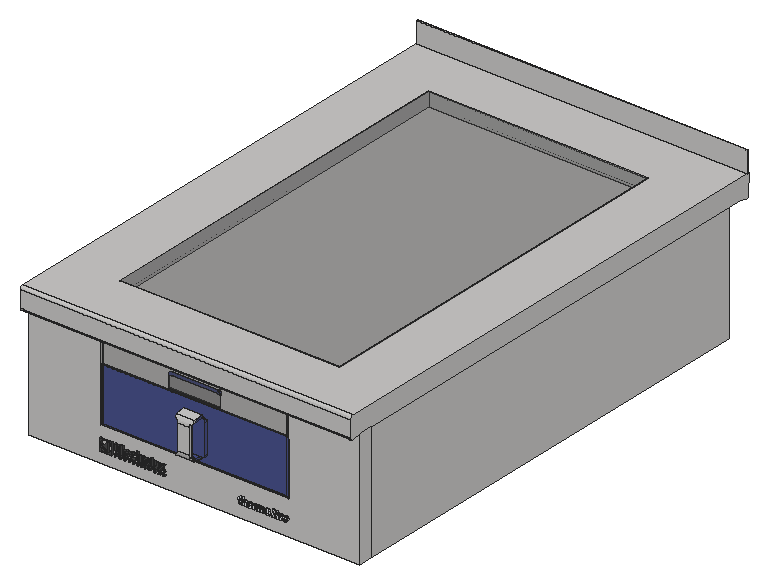
Revit family "QF_ELECTROLUXPROFESSIONAL_589503_MCRAABFOBO", category Attrezzature speciali, Revit 2020
Family settings
  Quota connettore circolare = Usa diametro
  Tipo di parte = Normale
  Basato su piano di lavoro = No
  Sempre verticale = Sì
  Taglio con vuoti quando caricato = No
  Condiviso = No
  Punto di calcolo locali = No
Parameters (values of type "Standard")
  Weight = 32.00 kg
  Watts = 550 W
  Volts = 230 V
  URL Manufacturer = "https://www.electroluxprofessional.com/"
  URL = "https://www.electroluxprofessional.com/"
  Steam Supply Size = 0"
  Steam Supply Minimum Pressure = 0.00 psi
  Steam Supply Maximum Pressure = 0.00 psi
  Steam Consumption per Hour = 0
  Refrigeration Suction Line Size = 0 mm
  Refrigeration Liquid Line Size = 0 mm
  Refrigerant Compressor Remote = yes
  Prospetto di default = 0 mm
  Phase = 1
  Modello = "MCRAABFOBO"
  Produttore = "Electrolux Professional"
  Length Actual = 600 mm  # constant formula
  Item Number = "589503"
  Hot Water Size = 0"
  Height Actual = 250 mm  # constant formula
  HP = "0.7 HP"
  Gas Size = 0"
  Gas KW = 0
  Gas Input Pressure = 0.0 Btu/h
  Direct Waste Size = 0"
  Descrizione = "EL.WARMING PLATE,1S,BS,600X900X250H"
  Depth Actual = 900 mm  # constant formula
  Cycle = 50 Hz
  Condensate Return Size = 0"
  Compressed Air Volume = 0 GPM
  Compressed Air Size = 0"
  Compressed Air Pressure = 0.00 psi
  Cold Water Size = 0"
  Accessory = yes
Reference planes
  plane 1 "BACK": y = 0
  plane 2: z = 0
  plane 3 "LEFT": x = 0
  plane 4 "RIGHT": x = 600
  plane 5 "FRONT": y = -900
  plane 6 "TOP": z = 900
  plane 7 "Center (Left/Right)": x = 300
  plane 8: y = -450
  plane 9: y = -150
  plane 10: x = 100
  plane 11: x = 500
  plane 12: y = -100
  plane 13: y = -800
  plane 14 "EIx": x = 555
  plane 15 "EIy": y = -685
  plane 16: z = 938
  plane 17 "BaseTop": z = 650
  plane 18: y = -855
Forms (mm)
  Extrusion 1, solid, material "QF_Finishes_Stainless Steel"
    sketch origin (-178.969, -4572, 100) x (-1, 0, 0) y (0, -1, 0)
      loop
        line (-178.969, -4527) -> (-178.969, -3717) -> (-778.969, -3717) -> (-778.969, -4527) -> (-178.969, -4527)
    from 550 to 762.969
  Extrusion 2, solid, material "QF_Finishes_Stainless Steel"
    sketch origin (0, 0, 650) x (-1, 0, 0) y (0, -1, 0)
      loop
        circle (-555, 685) r 6.35
    from 0 to -11.851
  Extrusion 3, solid, material "QF_Finishes_Stainless Steel"
    sketch origin (300, 296.4, 1219.2) x (0, 1, 0) y (0, 0, 1)
      loop
        line (-296.4, -319.2) -> (-1191.4, -319.2)
        arc (-1191.4, -319.2) -> (-1194.935, -320.664) -> (-1196.4, -324.2) r 5
        line (-1196.4, -324.2) -> (-1196.4, -355.2)
        arc (-1196.4, -355.2) -> (-1194.971, -358.264) -> (-1191.705, -359.139) r 4
        line (-1191.705, -359.139) -> (-1176.4, -356.231) -> (-316.4, -356.231) -> (-301.094, -359.139)
        arc (-301.094, -359.139) -> (-297.829, -358.264) -> (-296.4, -355.2) r 4
        line (-296.4, -355.2) -> (-296.4, -319.2)
    from -300 to 300
  Extrusion 4, solid, material "QF_Finishes_Electrolux_Black Smoke Iluminated"
    sketch origin (0, 0, 900) x (-1, 0, 0) y (0, -1, 0)
      loop
        line (-100, 100) -> (-100, 800) -> (-500, 800) -> (-500, 100) -> (-100, 100)
    from 1 to -20
  Extrusion 5, void
    sketch origin (0, 0, 900) x (-1, 0, 0) y (0, -1, 0)
      loop
        line (-100, 800) -> (-500, 800) -> (-500, 100) -> (-100, 100) -> (-100, 800)
    from 0 to -25
  Extrusion 6, solid, material "QF_Finishes_Stainless Steel"
    sketch origin (300, 296.4, 1219.2) x (0, 1, 0) y (0, 0, 1)
      loop
        line (-296.4, -319.2) -> (-296.4, -281.2) -> (-298.4, -281.2) -> (-298.4, -319.2) -> (-296.4, -319.2)
    from 300 to -300
Cuts and joins
  Extrusion 5 cuts Extrusion 3
Lines and regions (mm)
  symbolic lines
    curve 1: line (0, 0, 100) -> (600, 0, 100)
    curve 2: line (0, -900, 100) -> (0, 0, 100)
    curve 3: line (600, -900, 100) -> (0, -900, 100)
    curve 4: line (600, 0, 100) -> (600, -900, 100)
    curve 5: line (100, -800, 0) -> (500, -800, 0)
    curve 6: line (500, -800, 0) -> (500, -100, 0)
    curve 7: line (500, -100, 0) -> (100, -100, 0)
    curve 8: line (100, -100, 0) -> (100, -800, 0)
    curve 9: line (0, -2, 0) -> (1000, -2, 0)
Dimensions and locks
  plane 3 "LEFT" to plane 4 "RIGHT" = 600 mm
  locked: plane 5 "FRONT" to plane 1 "BACK" at 900
  equal spacing: plane 3 "LEFT", plane 7 "Center (Left/Right)", plane 4 "RIGHT"
  equal spacing: plane 5 "FRONT", plane 8, plane 1 "BACK"
  plane 6 "TOP" to level = 900 mm  (x2)
  plane 1 "BACK" to plane 9 = 150 mm
  plane 1 "BACK" to Extrusion 2 = 685 mm
  locked: plane 14 "EIx" to plane 4 "RIGHT" at 45
  locked: plane 15 "EIy" to plane 1 "BACK" at 685
  plane 16 to plane 6 "TOP" = 38 mm
  locked: plane 12 to plane 1 "BACK" at 100
  locked: plane 5 "FRONT" to plane 13 at 100
  plane 3 "LEFT" to plane 10 = 100 mm
  plane 11 to plane 4 "RIGHT" = 100 mm
  locked: plane 6 "TOP" to plane 17 "BaseTop" at 250
  locked: plane 18 to plane 5 "FRONT" at 45
  aligned and locked: level to plane 2
  aligned and locked: cut or joined group of Extrusion 3, Extrusion 5 to plane 3 "LEFT"
  aligned and locked: cut or joined group of Extrusion 3, Extrusion 5 to plane 4 "RIGHT"
  aligned and locked: Extrusion 5 sketch curve to plane 10
  aligned and locked: plane 12 to Extrusion 5 sketch curve
  aligned and locked: plane 11 to Extrusion 5 sketch curve
  aligned and locked: Extrusion 5 sketch curve to plane 13
  aligned and locked: plane 12 to Extrusion 4 sketch curve
  aligned and locked: Extrusion 4 sketch curve to plane 10
  aligned and locked: Extrusion 4 sketch curve to plane 13
  aligned and locked: plane 11 to Extrusion 4 sketch curve
  aligned and locked: nested 1 to plane 18
  aligned and locked: Extrusion 1 to plane 18
  aligned and locked: Extrusion 6 to plane 3 "LEFT"
  aligned and locked: Extrusion 6 to plane 4 "RIGHT"
  aligned and locked: plane 3 "LEFT" to nested 1
Automatic sketch dimensions
  Extrusion 3 sketch curve to plane 5 "FRONT" = 0 mm
  Extrusion 3 sketch curve to plane 6 "TOP" = 0 mm
  Extrusion 3 sketch curve to plane 1 "BACK" = 0 mm
  Extrusion 3 sketch curve to plane 5 "FRONT" = 4 mm
  Extrusion 3 sketch curve to Extrusion 3 sketch curve = 0.695 mm
  Extrusion 3 sketch curve to plane 5 "FRONT" = 5 mm
  Extrusion 3 sketch curve to Extrusion 3 sketch curve = 15.305 mm
  plane 1 "BACK" to Extrusion 3 sketch curve = 20 mm
  plane 1 "BACK" to Extrusion 3 sketch curve = 4.695 mm
  Extrusion 3 sketch curve to Extrusion 3 sketch curve = 4 mm
  Extrusion 3 sketch curve to Extrusion 3 sketch curve = 31 mm
  Extrusion 3 sketch curve to plane 6 "TOP" = 36 mm
  Extrusion 3 sketch curve to Extrusion 3 sketch curve = 2.909 mm
  Extrusion 1 sketch curve to plane 4 "RIGHT" = 0 mm
  Extrusion 1 sketch curve to plane 3 "LEFT" = 0 mm
  plane 1 "BACK" to Extrusion 1 sketch curve = 45 mm
  plane 1 "BACK" to curve 1 = 0 mm
  curve 1 to plane 4 "RIGHT" = 0 mm
  curve 2 to plane 3 "LEFT" = 0 mm
  plane 5 "FRONT" to curve 3 = 0 mm
  curve 5 to plane 10 = 0 mm
  curve 5 to plane 11 = 0 mm
  plane 13 to curve 6 = 0 mm
  plane 12 to curve 6 = 0 mm
  Extrusion 2 sketch curve to plane 14 "EIx" = 0 mm
  Extrusion 2 sketch curve to plane 15 "EIy" = 0 mm
  Extrusion 1 sketch curve to plane 5 "FRONT" = 45 mm
  Extrusion 6 sketch curve to plane 6 "TOP" = 0 mm
  Extrusion 6 sketch curve to plane 16 = 0 mm
  Extrusion 6 sketch curve to plane 1 "BACK" = 0 mm
  Extrusion 6 sketch curve to Extrusion 6 sketch curve = 2 mm
  radius of Extrusion 2 sketch curve = 6.35 mm
Nested families
  nested 1: "Front_Panel_W600_1 Knob" at (102.376, -855, 0), type "Front_Panel_W600_1 Knob"
Connectors
  electrical at (555, -685, 638.149)
    settings: on Extrusion 2, index 1, voltage 400 V, apparent load 33000 VA, apparent load phase1 0 VA, apparent load phase2 0 VA, apparent load phase3 0 VA, power factor 1, load classification "Other", number of poles 1, system type 30, power factor state 1, is connector primary yes, connector utility no, sub classification motor no, connector description "ELECTRICAL CONNECTION"
Definition of nested family "Front_Panel_W600_1 Knob"
  Parameters
    Width = 600 mm
    Default Elevation = 0 mm
  Reference planes
    plane 1 "Center (Front/Back)": y = 0
    plane 2: z = 0
    plane 3 "Center (Left/Right)": x = 197.624
    plane 4 "Left": x = -102.376
    plane 5 "Right": x = 497.624
    plane 6: y = -45
    plane 7: y = -25
    plane 8: x = 367.624
    plane 9: x = 27.624
  Forms (mm)
    Extrusion 1, solid
      sketch origin (833.217, 829.203, -1.25) x (0, 1, 0) y (0, 0, 1)
        loop
          line (-854.203, 651.25) -> (-829.203, 651.25) -> (-829.203, 864.25) -> (-854.203, 864.25) -> (-854.203, 651.25)
      from -935.593 to -335.593
    Extrusion 2, void
      sketch origin (0, 0, 0) x (1, 0, 0) y (0, 0, 1)
        loop
          line (27.624, 853.866) -> (27.624, 711.866) -> (367.624, 711.866) -> (367.624, 853.866) -> (27.624, 853.866)
      from 19.387 to 33.951
  Cuts and joins
    Extrusion 2 cuts Extrusion 1
  Dimensions and locks
    equal spacing: plane 5 "Right", plane 3 "Center (Left/Right)", plane 4 "Left"
    "Width": plane 5 "Right" to plane 4 "Left"
    aligned and locked: cut or joined group of Extrusion 1, Extrusion 2 to plane 4 "Left"
    aligned and locked: plane 5 "Right" to cut or joined group of Extrusion 1, Extrusion 2
    aligned and locked: plane 3 "Center (Left/Right)" to nested 1
    aligned and locked: cut or joined group of Extrusion 1, Extrusion 2 to nested 1
    aligned and locked: plane 9 to Extrusion 2 sketch curve
    aligned and locked: Extrusion 2 sketch curve to plane 8
    aligned and locked: plane 9 to cut or joined group of Extrusion 1, Extrusion 2
    aligned and locked: plane 8 to cut or joined group of Extrusion 1, Extrusion 2
    aligned and locked: plane 9 to nested 1
    aligned and locked: plane 8 to nested 1
    aligned and locked: nested 4 to plane 9
  Automatic sketch dimensions
    Extrusion 1 sketch curve to plane 1 "Center (Front/Back)" = 0 mm
    level to Extrusion 1 sketch curve = 650 mm
    level to Extrusion 2 sketch curve = 711.866 mm
    Extrusion 2 sketch curve to Extrusion 2 sketch curve = 142 mm
    Extrusion 1 sketch curve to plane 6 = 20 mm
    Extrusion 1 sketch curve to Extrusion 1 sketch curve = 213 mm
  Nested families
    nested 1: "Front glass control panel W340_1 Knob" at (197.624, 280.644, 2.752), type "Front glass control panel W340_1 Knob"
    nested 2: "Range Control Handle" at (197.624, -28.137, -209.113) x (-1, 0, 0) z (0, 0, 1), type "Range Control Handle"
    nested 3: "ELX_ThermaLine_Small" at (319.031, -25, 679.426) x (1, 0, 0) z (0, -1, 0), type "ELX_ThermaLine_Small"
      with Show Logo yes, Material_Logo none
    nested 4: "ELX_Professional_Logo_Small" at (87.11, -25, 681.659) x (1, 0, 0) z (0, -1, 0), type "ELX_Professional_Logo_Small"
      with Show Logo yes, Material_Logo none
  Definition of nested family "Front glass control panel W340_1 Knob"
    Parameters
      Default Elevation = 0 mm
    Reference planes
      plane 1 "Center (Front/Back)": y = 0
      plane 2: z = 0
      plane 3 "Center (Left/Right)": x = 0
    Forms (mm)
      Extrusion 1, solid
        sketch origin (378.286, 0, 0.617) x (1, 0, 0) y (0, 0, 1)
          loop
            line (-548.286, 806.791) -> (-548.286, 708.497) -> (-208.286, 708.497) -> (-208.286, 806.791) -> (-548.286, 806.791)
        from 300.031 to 304.8
      Extrusion 2, solid
        sketch origin (378.286, 0, 0.617) x (1, 0, 0) y (0, 0, 1)
          loop
            line (-548.286, 850.497) -> (-548.286, 806.791) -> (-208.286, 806.791) -> (-208.286, 850.497) -> (-548.286, 850.497)
        from 300.031 to 304.8
      Extrusion 3, void
        sketch origin (378.286, 0, 0.617) x (1, 0, 0) y (0, 0, 1)
          loop
            line (-545.628, 847.565) -> (-545.628, 710.699) -> (-211.196, 710.699) -> (-211.196, 847.565) -> (-545.628, 847.565)
        from 303.697 to 304.8
      Extrusion 4, solid
        sketch origin (308.309, 1.101, -0.633) x (1, 0, 0) y (0, 0, 1)
          loop
            line (-261.431, 812.62) -> (-261.431, 834.177) -> (-266.24, 834.177) -> (-268.039, 835.977) -> (-348.469, 835.977) -> (-350.269, 834.177) -> (-355.186, 834.177) -> (-355.186, 812.62) -> (-261.431, 812.62)
        from 304.798 to 306.745
      Extrusion 5, solid
        sketch origin (308.309, 1.101, -0.633) x (1, 0, 0) y (0, 0, 1)
          loop
            line (-350.269, 834.177) -> (-348.469, 835.977) -> (-268.039, 835.977) -> (-266.24, 834.177) -> (-261.529, 834.177)
            arc (-261.529, 834.177) -> (-262.706, 838.752) -> (-266.98, 840.763) r 5.549
            line (-266.98, 840.763) -> (-349.686, 840.763)
            arc (-349.686, 840.763) -> (-353.942, 838.747) -> (-355.078, 834.177) r 5.5
            line (-355.078, 834.177) -> (-350.269, 834.177)
        from 304.798 to 306.745
    Cuts and joins
      Extrusion 3 cuts Extrusion 1
      Extrusion 3 cuts Extrusion 2
    Dimensions and locks
      equal spacing: cut or joined group of Extrusion 2, Extrusion 3, plane 3 "Center (Left/Right)", cut or joined group of Extrusion 2, Extrusion 3
      cut or joined group of Extrusion 2, Extrusion 3 to cut or joined group of Extrusion 2, Extrusion 3 = 340 mm
      aligned and locked: Extrusion 1 to Extrusion 2
      aligned and locked: Extrusion 5 to Extrusion 4
    Automatic sketch dimensions
      Extrusion 1 sketch curve to plane 3 "Center (Left/Right)" = 170 mm
      plane 3 "Center (Left/Right)" to Extrusion 1 sketch curve = 170 mm
      level to Extrusion 1 sketch curve = 709.114 mm
      Extrusion 1 sketch curve to Extrusion 1 sketch curve = 98.294 mm
      Extrusion 2 sketch curve to plane 3 "Center (Left/Right)" = 170 mm
      plane 3 "Center (Left/Right)" to Extrusion 2 sketch curve = 170 mm
      level to Extrusion 2 sketch curve = 807.408 mm
      Extrusion 2 sketch curve to Extrusion 2 sketch curve = 43.706 mm
      Extrusion 3 sketch curve to plane 3 "Center (Left/Right)" = 167.342 mm
      plane 3 "Center (Left/Right)" to Extrusion 3 sketch curve = 167.091 mm
      level to Extrusion 3 sketch curve = 711.316 mm
      Extrusion 3 sketch curve to Extrusion 3 sketch curve = 136.866 mm
      Extrusion 4 sketch curve to plane 3 "Center (Left/Right)" = 46.877 mm
      Extrusion 4 sketch curve to Extrusion 4 sketch curve = 4.917 mm
      Extrusion 4 sketch curve to Extrusion 4 sketch curve = 1.8 mm  (x3)
      plane 3 "Center (Left/Right)" to Extrusion 4 sketch curve = 40.269 mm
      Extrusion 4 sketch curve to Extrusion 4 sketch curve = 4.809 mm
      level to Extrusion 4 sketch curve = 811.987 mm
      Extrusion 4 sketch curve to Extrusion 4 sketch curve = 21.557 mm  (x2)
      Extrusion 5 sketch curve to plane 3 "Center (Left/Right)" = 46.769 mm
      Extrusion 5 sketch curve to Extrusion 5 sketch curve = 4.809 mm
      Extrusion 5 sketch curve to Extrusion 5 sketch curve = 0.583 mm
      Extrusion 5 sketch curve to Extrusion 5 sketch curve = 1.217 mm
      plane 3 "Center (Left/Right)" to Extrusion 5 sketch curve = 40.269 mm
      Extrusion 5 sketch curve to Extrusion 5 sketch curve = 1.059 mm
      Extrusion 5 sketch curve to Extrusion 5 sketch curve = 0.741 mm
      Extrusion 5 sketch curve to Extrusion 5 sketch curve = 4.711 mm
      level to Extrusion 5 sketch curve = 833.543 mm
      Extrusion 5 sketch curve to Extrusion 5 sketch curve = 0 mm
      Extrusion 5 sketch curve to Extrusion 5 sketch curve = 1.037 mm
      Extrusion 5 sketch curve to Extrusion 5 sketch curve = 0.714 mm
  Definition of nested family "Range Control Handle"
    Parameters
      Default Elevation = 0 mm
    Reference planes
      plane 1 "Center (Front/Back)": y = 0
      plane 2: z = 0
      plane 3 "Center (Left/Right)": x = 0
      plane 4: z = 971.092
      plane 5: y = -16.9
    Forms (mm)
      Extrusion 1, solid
        sketch origin (-746.28, 380.497, 208.931) x (-1, 0, 0) y (0, 0, 1)
          loop
            line (-770.101, 786.798) -> (-770.101, 731.649)
            arc (-770.101, 731.649) -> (-769.759, 730.563) -> (-768.855, 729.87) r 1.893
            line (-768.855, 729.87) -> (-763.474, 727.911) -> (-729.81, 727.911) -> (-724.428, 729.87)
            arc (-724.428, 729.87) -> (-723.525, 730.563) -> (-723.183, 731.649) r 1.893
            line (-723.183, 731.649) -> (-723.183, 786.798)
            arc (-723.183, 786.798) -> (-723.529, 787.894) -> (-724.44, 788.593) r 1.91
            line (-724.44, 788.593) -> (-729.683, 790.819) -> (-763.601, 790.819) -> (-768.844, 788.593)
            arc (-768.844, 788.593) -> (-769.755, 787.894) -> (-770.101, 786.798) r 1.91
        from -382.35 to -378.852
      Sweep 2, solid
        path origin (-746.788, 380.496, 208.091) x (0, -1, 0) y (0, 0, 1)
          loop
            line (379.775, 793.281) -> (395.661, 791.048)
            arc (395.661, 791.048) -> (397.781, 787.377) -> (398.517, 783.202) r 12.207
            line (398.517, 783.202) -> (398.517, 737.368)
            arc (398.517, 737.368) -> (397.781, 733.193) -> (395.661, 729.522) r 12.207
            line (395.661, 729.522) -> (379.775, 727.289)
        profile origin (-746.788, -7.222, 1000.256) x (0, -0.139173, 0.990268) y (-1, 0, 0)
          loop
            line (0.782, -763.123) -> (0.782, -730.907) -> (-1.322, -730.907) -> (-1.322, -763.123) -> (0.782, -763.123)
      Sweep 3, solid
        path origin (-746.788, 380.715, 207.832) x (0, -1, 0) y (0, 0, 1)
          loop
            line (380.478, 795.442) -> (397.218, 793.09)
            arc (397.218, 793.09) -> (399.929, 788.473) -> (400.871, 783.202) r 15.207
            line (400.871, 783.202) -> (400.871, 737.584)
            arc (400.871, 737.584) -> (399.914, 732.274) -> (397.164, 727.633) r 15.207
            line (397.164, 727.633) -> (380.601, 725.305)
        profile origin (-746.788, -8.132, 1002.099) x (0, -0.139173, 0.990268) y (-1, 0, 0)
          loop
            line (0.782, -763.123) -> (0.782, -730.907) -> (-1.322, -730.907) -> (-1.322, -763.123) -> (0.782, -763.123)
      Extrusion 4, void
        sketch origin (889.253, 220.666, 207.993) x (1, 0, 0) y (0, 0, 1)
          loop
            line (-943.038, 816.854) -> (-943.038, 703.686) -> (-899.466, 734.196) -> (-899.466, 786.344) -> (-943.038, 816.854)
        from 230.636 to 242.25
      Extrusion 5, void
        sketch origin (-888.8, 220.666, 207.993) x (-1, 0, 0) y (0, 0, -1)
          loop
            line (-943.038, -816.854) -> (-899.466, -786.344) -> (-899.466, -734.196) -> (-943.038, -703.686) -> (-943.038, -816.854)
        from 230.636 to 242.25
      Extrusion 6, solid
        sketch origin (0, 0, 0) x (1, 0, 0) y (0, 0, 1)
          loop
            circle (0, 971.092) r 7.736
        from -3.137 to -1.645
    Cuts and joins
      Extrusion 4, Extrusion 5 cuts Sweep 3
      Extrusion 4, Extrusion 5 cuts Sweep 2
      joined: Extrusion 1, Extrusion 6
    Lines and regions (mm)
      symbolic lines
        curve 1: line (16.334, -16.9, 0) -> (16.334, -19.227, 0)
        curve 2: spline (16.334, -19.227, 0) -> (15.87, -19.385, 0) -> (15.404, -19.536, 0) -> (14.936, -19.678, 0) -> (14.466, -19.813, 0) -> (13.995, -19.94, 0) -> (13.523, -20.059, 0) -> (13.049, -20.171, 0) -> (12.575, -20.274, 0) -> (12.099, -20.37, 0) -> (11.622, -20.458, 0) -> (11.144, -20.537, 0) -> (10.666, -20.609, 0)
        curve 3: line (10.666, -16.9, 0) -> (10.666, -20.938, 0)
        curve 4: line (-10.213, -20.938, 0) -> (10.666, -20.938, 0)
        curve 5: line (-10.213, -20.938, 0) -> (-10.213, -16.9, 0)
        curve 6: spline (-10.213, -20.609, 0) -> (-10.691, -20.537, 0) -> (-11.169, -20.458, 0) -> (-11.646, -20.37, 0) -> (-12.122, -20.274, 0) -> (-12.597, -20.171, 0) -> (-13.07, -20.059, 0) -> (-13.542, -19.94, 0) -> (-14.013, -19.813, 0) -> (-14.483, -19.678, 0) -> (-14.951, -19.536, 0) -> (-15.417, -19.385, 0) -> (-15.881, -19.227, 0)
        curve 7: line (-15.881, -19.227, 0) -> (-15.881, -16.9, 0)
  Definition of nested family "ELX_ThermaLine_Small"
    Parameters
      Show Logo [instance] = yes
      Material_Logo [instance] = none
      Default Elevation = 0 mm
    Reference planes
      plane 1 "Centro (Fronte/Retro)": y = 0
      plane 2: z = 0
      plane 3 "Centro (Sinistra/Destra)": x = 0
    Forms (mm)
      Extrusion 1, solid
        sketch origin (0, 0, 0) x (1, 0, 0) y (0, 1, 0)
          loop
            line (-1219.2, 1219.2) -> (-1219.2, -1219.2) -> (1219.2, -1219.2) -> (1219.2, 1219.2) -> (-1219.2, 1219.2)
        from 0 to -304.8
      Extrusion 2, solid
        sketch origin (0, 0, 0) x (1, 0, 0) y (0, 1, 0)
          loop
            line (-37.494, 1.229) -> (-35.908, 1.229) -> (-35.908, 3.066) -> (-37.494, 3.066) -> (-37.494, 6.221) -> (-39.867, 4.881) -> (-39.867, 3.066) -> (-40.969, 3.066) -> (-40.969, 1.229) -> (-39.867, 1.229) -> (-39.867, -3.407)
            arc (-39.867, -3.407) -> (-38.982, -5.513) -> (-36.751, -6.001) r 2.478
            line (-36.751, -6.001) -> (-35.638, -5.7) -> (-35.9, -3.835) -> (-36.661, -4.039)
            arc (-36.661, -4.039) -> (-37.236, -3.924) -> (-37.494, -3.399) r 0.662
            line (-37.494, -3.399) -> (-37.494, 1.229)
          loop
            line (-34.242, 6.539) -> (-34.242, -5.848) -> (-31.854, -5.848) -> (-31.854, -0.078)
            arc (-31.854, -0.078) -> (-30.939, 1.249) -> (-29.33, 1.367) r 1.866
            arc (-29.33, 1.367) -> (-28.695, 0.768) -> (-28.461, -0.073) r 1.627
            line (-28.461, -0.073) -> (-28.461, -5.848) -> (-26.086, -5.848) -> (-26.064, -0.46)
            arc (-26.064, -0.46) -> (-26.261, 0.932) -> (-26.786, 2.237) r 5.825
            arc (-26.786, 2.237) -> (-29.381, 3.264) -> (-31.854, 1.971) r 3.353
            line (-31.854, 1.971) -> (-31.854, 6.539) -> (-34.242, 6.539)
          loop
            arc (-18.398, -0.598) -> (-18.893, 0.879) -> (-20.326, 1.487) r 1.897
            arc (-20.326, 1.487) -> (-21.461, 0.708) -> (-21.897, -0.598) r 2.164
            line (-21.897, -0.598) -> (-18.398, -0.598)
          loop
            arc (-16.021, -2.044) -> (-16.754, 1.227) -> (-19.444, 3.226) r 4.814
            arc (-19.444, 3.226) -> (-22.137, 2.788) -> (-23.943, 0.743) r 4.054
            arc (-23.943, 0.743) -> (-24.382, -1.249) -> (-24.162, -3.276) r 6.289
            arc (-24.162, -3.276) -> (-23.302, -4.71) -> (-21.958, -5.705) r 4.28
            arc (-21.958, -5.705) -> (-18.558, -5.814) -> (-16.152, -3.409) r 4.28
            line (-16.152, -3.409) -> (-18.5, -2.995)
            arc (-18.5, -2.995) -> (-19.273, -3.994) -> (-20.533, -4.076) r 1.536
            arc (-20.533, -4.076) -> (-21.56, -3.281) -> (-21.958, -2.044) r 2.197
            line (-21.958, -2.044) -> (-16.021, -2.044)
          loop
            line (-14.165, -5.848) -> (-11.819, -5.848) -> (-11.819, -2.138)
            arc (-11.819, -2.138) -> (-11.787, -1.156) -> (-11.637, -0.185) r 8.18
            arc (-11.637, -0.185) -> (-10.644, 0.972) -> (-9.132, 0.776) r 1.603
            line (-9.132, 0.776) -> (-8.419, 2.846)
            arc (-8.419, 2.846) -> (-10.432, 3.118) -> (-11.994, 1.821) r 2.527
            line (-11.994, 1.821) -> (-11.994, 3.094) -> (-14.165, 3.094) -> (-14.165, -5.848)
          loop
            line (-7.579, 3.094) -> (-7.579, -5.848) -> (-5.178, -5.848) -> (-5.178, -0.756)
            arc (-5.178, -0.756) -> (-4.727, 0.679) -> (-3.417, 1.419) r 2.05
            arc (-3.417, 1.419) -> (-2.499, 0.908) -> (-2.155, -0.085) r 1.471
            line (-2.155, -0.085) -> (-2.155, -5.848) -> (0.23, -5.848) -> (0.23, -1.001)
            arc (0.23, -1.001) -> (0.47, 0.127) -> (1.148, 1.061) r 2.775
            arc (1.148, 1.061) -> (2.225, 1.329) -> (3.05, 0.587) r 1.182
            arc (3.05, 0.587) -> (3.199, -0.019) -> (3.214, -0.642) r 2.894
            line (3.214, -0.642) -> (3.214, -5.848) -> (5.601, -5.848) -> (5.601, 0.261)
            arc (5.601, 0.261) -> (4.87, 2.263) -> (2.976, 3.241) r 2.932
            arc (2.976, 3.241) -> (1.284, 2.973) -> (-0.047, 1.896) r 3.309
            arc (-0.047, 1.896) -> (-1.116, 2.865) -> (-2.506, 3.258) r 3.16
            arc (-2.506, 3.258) -> (-4.105, 2.942) -> (-5.376, 1.92) r 3.419
            line (-5.376, 1.92) -> (-5.376, 3.094) -> (-7.579, 3.094)
          loop
            line (7.583, 0.738) -> (9.702, 0.364)
            arc (9.702, 0.364) -> (11.441, 1.492) -> (12.855, -0.023) r 1.613
            line (12.855, -0.023) -> (9.782, -0.789)
            arc (9.782, -0.789) -> (8.559, -1.346) -> (7.617, -2.305) r 3.687
            arc (7.617, -2.305) -> (7.499, -3.681) -> (7.901, -5.003) r 3.651
            arc (7.901, -5.003) -> (9.107, -5.766) -> (10.515, -6.006) r 3.635
            arc (10.515, -6.006) -> (11.898, -5.697) -> (13.067, -4.895) r 3.734
            line (13.067, -4.895) -> (13.376, -5.848) -> (15.75, -5.848) -> (15.212, -4.193) -> (15.212, 0.38)
            arc (15.212, 0.38) -> (14.897, 1.849) -> (13.818, 2.895) r 2.585
            arc (13.818, 2.895) -> (11.792, 3.442) -> (9.719, 3.11) r 5.005
            arc (9.719, 3.11) -> (8.369, 2.178) -> (7.583, 0.738) r 3.54
          loop
            line (19.723, -5.848) -> (22.233, -5.848) -> (24.854, 6.484) -> (22.345, 6.484) -> (19.723, -5.848)
          loop
            line (24.583, -5.848) -> (26.953, -5.848) -> (28.848, 3.066) -> (26.478, 3.066) -> (24.583, -5.848)
          loop
            line (27.204, 6.484) -> (26.741, 4.305) -> (29.111, 4.305) -> (29.575, 6.484) -> (27.204, 6.484)
          loop
            line (29.355, -5.848) -> (31.849, -5.848) -> (33.098, 0.028)
            arc (33.098, 0.028) -> (34.169, 1.306) -> (35.832, 1.422) r 2.132
            arc (35.832, 1.422) -> (36.324, 0.752) -> (36.383, -0.078) r 1.5
            line (36.383, -0.078) -> (35.157, -5.848) -> (37.536, -5.848) -> (38.936, 0.738)
            arc (38.936, 0.738) -> (38.775, 2.091) -> (37.825, 3.066) r 2.118
            arc (37.825, 3.066) -> (35.392, 3.175) -> (33.295, 1.937) r 4.271
            line (33.295, 1.937) -> (33.535, 3.066) -> (31.25, 3.066) -> (29.355, -5.848)
          loop
            line (42.792, -0.64) -> (46.589, -0.64)
            arc (46.589, -0.64) -> (46.639, 0.124) -> (46.327, 0.823) r 1.589
            arc (46.327, 0.823) -> (45.117, 1.521) -> (43.762, 1.183) r 1.865
            arc (43.762, 1.183) -> (43.141, 0.344) -> (42.792, -0.64) r 3.538
          loop
            line (42.565, -2.138) -> (48.593, -2.138)
            arc (48.593, -2.138) -> (48.58, 0.597) -> (46.983, 2.818) r 4.494
            arc (46.983, 2.818) -> (44.191, 3.28) -> (41.725, 1.891) r 4.26
            arc (41.725, 1.891) -> (40.503, -0.3) -> (40.284, -2.799) r 6.003
            arc (40.284, -2.799) -> (40.959, -4.468) -> (42.377, -5.576) r 3.482
            arc (42.377, -5.576) -> (44.265, -5.961) -> (46.152, -5.576) r 4.823
            arc (46.152, -5.576) -> (47.432, -4.731) -> (48.328, -3.485) r 4.245
            line (48.328, -3.485) -> (46.168, -3.105)
            arc (46.168, -3.105) -> (45.214, -4.072) -> (43.859, -4.181) r 1.953
            arc (43.859, -4.181) -> (42.821, -3.408) -> (42.565, -2.138) r 1.81
          loop
            line (12.868, -1.553) -> (10.216, -2.214)
            arc (10.216, -2.214) -> (9.747, -3.136) -> (10.216, -4.058) r 1.14
            arc (10.216, -4.058) -> (11.537, -4.249) -> (12.614, -3.46) r 1.763
            arc (12.614, -3.46) -> (12.858, -2.522) -> (12.868, -1.553) r 3.97
        from 0 to 1.6
    Dimensions and locks
      aligned and locked: plane 2 to Extrusion 1
      aligned and locked: level to Extrusion 1
  Definition of nested family "ELX_Professional_Logo_Small"
    Parameters
      Show Logo [instance] = yes
      Material_Logo [instance] = none
      Default Elevation = 0 mm
    Reference planes
      plane 1 "Centro (Fronte/Retro)": y = 0
      plane 2: z = 0
      plane 3 "Centro (Sinistra/Destra)": x = 0
    Forms (mm)
      Extrusion 1, solid
        sketch origin (0, 0, 0) x (1, 0, 0) y (0, 1, 0)
          loop
            line (-1219.2, 1219.2) -> (-1219.2, -1219.2) -> (1219.2, -1219.2) -> (1219.2, 1219.2) -> (-1219.2, 1219.2)
        from 0 to -304.8
      Extrusion 2, solid, material <- "Material_Logo"
        sketch origin (15.5, 0, 0) x (1, 0, 0) y (0, 1, 0)
          loop
            spline (-42.99, -1.24) -> (-43.195, -1.231) -> (-43.415, -1.203) -> (-43.642, -1.152) -> (-43.87, -1.074) -> (-44.095, -0.966) -> (-44.309, -0.825) -> (-44.506, -0.647) -> (-44.681, -0.429) -> (-44.828, -0.167) -> (-44.94, 0.142) -> (-45.011, 0.501) -> (-45.037, 0.915)
            line (-45.037, 0.915) -> (-45.037, 2.748) -> (-38.984, 2.748) -> (-38.984, 5.086) -> (-45.038, 5.086) -> (-45.038, 8.489) -> (-38.599, 8.489) -> (-38.599, 10.82) -> (-47.515, 10.82) -> (-47.515, 1.021)
            spline (-47.515, 1.021) -> (-47.493, 0.418) -> (-47.425, -0.15) -> (-47.311, -0.682) -> (-47.15, -1.175) -> (-46.939, -1.628) -> (-46.678, -2.038) -> (-46.365, -2.404) -> (-46, -2.723) -> (-45.58, -2.995) -> (-45.105, -3.216) -> (-44.573, -3.385) -> (-43.983, -3.499)
            line (-43.983, -3.499) -> (-43.01, -3.569) -> (-38.426, -3.569) -> (-38.426, -1.24) -> (-42.99, -1.24)
          loop
            line (-36.666, 4.021) -> (-36.666, -3.573) -> (-34.188, -3.573) -> (-34.188, 10.824) -> (-36.666, 10.824) -> (-36.666, 4.021)
          loop
            spline (-21.915, 1.897) -> (-21.957, 2.615) -> (-22.082, 3.303) -> (-22.285, 3.955) -> (-22.563, 4.564) -> (-22.913, 5.124) -> (-23.331, 5.629) -> (-23.814, 6.074) -> (-24.359, 6.451) -> (-24.961, 6.755) -> (-25.618, 6.98) -> (-26.326, 7.119) -> (-27.081, 7.167)
            spline (-27.081, 7.167) -> (-27.853, 7.122) -> (-28.586, 6.99) -> (-29.275, 6.774) -> (-29.915, 6.478) -> (-30.5, 6.104) -> (-31.024, 5.657) -> (-31.483, 5.138) -> (-31.871, 4.553) -> (-32.182, 3.904) -> (-32.411, 3.194) -> (-32.552, 2.427) -> (-32.6, 1.606)
            spline (-32.6, 1.606) -> (-32.553, 0.805) -> (-32.416, 0.057) -> (-32.193, -0.637) -> (-31.887, -1.271) -> (-31.504, -1.843) -> (-31.048, -2.35) -> (-30.523, -2.788) -> (-29.934, -3.154) -> (-29.284, -3.444) -> (-28.579, -3.656) -> (-27.822, -3.785) -> (-27.019, -3.829)
            spline (-27.019, -3.829) -> (-26.627, -3.82) -> (-26.239, -3.79) -> (-25.856, -3.739) -> (-25.477, -3.663) -> (-25.103, -3.562) -> (-24.734, -3.432) -> (-24.369, -3.273) -> (-24.01, -3.082) -> (-23.655, -2.858) -> (-23.305, -2.597) -> (-22.96, -2.299) -> (-22.621, -1.962)
            line (-22.621, -1.962) -> (-24.114, -0.509)
            spline (-24.114, -0.509) -> (-24.311, -0.699) -> (-24.509, -0.872) -> (-24.71, -1.03) -> (-24.915, -1.172) -> (-25.126, -1.297) -> (-25.346, -1.407) -> (-25.576, -1.5) -> (-25.817, -1.576) -> (-26.072, -1.636) -> (-26.342, -1.678) -> (-26.629, -1.704) -> (-26.936, -1.713)
            spline (-26.936, -1.713) -> (-27.384, -1.691) -> (-27.805, -1.625) -> (-28.196, -1.518) -> (-28.556, -1.372) -> (-28.882, -1.187) -> (-29.174, -0.966) -> (-29.429, -0.71) -> (-29.645, -0.422) -> (-29.821, -0.102) -> (-29.955, 0.247) -> (-30.045, 0.623) -> (-30.089, 1.026)
            line (-30.089, 1.026) -> (-21.956, 1.026) -> (-21.915, 1.897)
          loop
            spline (-24.446, 2.769) -> (-24.47, 3.075) -> (-24.54, 3.37) -> (-24.654, 3.65) -> (-24.807, 3.913) -> (-24.996, 4.156) -> (-25.219, 4.376) -> (-25.472, 4.57) -> (-25.753, 4.736) -> (-26.057, 4.869) -> (-26.382, 4.968) -> (-26.724, 5.03) -> (-27.081, 5.051)
            spline (-27.081, 5.051) -> (-27.464, 5.03) -> (-27.832, 4.97) -> (-28.183, 4.872) -> (-28.513, 4.74) -> (-28.819, 4.577) -> (-29.099, 4.384) -> (-29.347, 4.165) -> (-29.563, 3.923) -> (-29.742, 3.659) -> (-29.881, 3.377) -> (-29.977, 3.079) -> (-30.027, 2.769)
            line (-30.027, 2.769) -> (-24.446, 2.769)
          loop
            spline (-18.167, 1.669) -> (-18.138, 2.13) -> (-18.055, 2.567) -> (-17.921, 2.978) -> (-17.739, 3.358) -> (-17.512, 3.705) -> (-17.243, 4.016) -> (-16.937, 4.287) -> (-16.596, 4.517) -> (-16.223, 4.7) -> (-15.823, 4.835) -> (-15.398, 4.919) -> (-14.951, 4.947)
            spline (-14.951, 4.947) -> (-14.677, 4.938) -> (-14.414, 4.913) -> (-14.162, 4.871) -> (-13.921, 4.812) -> (-13.69, 4.738) -> (-13.467, 4.649) -> (-13.254, 4.544) -> (-13.048, 4.424) -> (-12.85, 4.291) -> (-12.659, 4.143) -> (-12.474, 3.981) -> (-12.295, 3.806)
            line (-12.295, 3.806) -> (-10.76, 5.403)
            spline (-10.76, 5.403) -> (-11.065, 5.709) -> (-11.38, 5.984) -> (-11.703, 6.228) -> (-12.035, 6.443) -> (-12.375, 6.63) -> (-12.723, 6.788) -> (-13.078, 6.92) -> (-13.44, 7.026) -> (-13.809, 7.107) -> (-14.184, 7.164) -> (-14.564, 7.198) -> (-14.951, 7.209)
            spline (-14.951, 7.209) -> (-15.725, 7.161) -> (-16.467, 7.02) -> (-17.169, 6.792) -> (-17.826, 6.482) -> (-18.43, 6.096) -> (-18.976, 5.637) -> (-19.455, 5.112) -> (-19.862, 4.525) -> (-20.19, 3.882) -> (-20.433, 3.189) -> (-20.584, 2.449) -> (-20.635, 1.669)
            spline (-20.635, 1.669) -> (-20.584, 0.889) -> (-20.433, 0.149) -> (-20.19, -0.545) -> (-19.862, -1.187) -> (-19.455, -1.774) -> (-18.976, -2.299) -> (-18.43, -2.758) -> (-17.826, -3.145) -> (-17.169, -3.454) -> (-16.467, -3.682) -> (-15.725, -3.823) -> (-14.951, -3.871)
            spline (-14.951, -3.871) -> (-14.564, -3.86) -> (-14.184, -3.826) -> (-13.809, -3.77) -> (-13.44, -3.689) -> (-13.078, -3.583) -> (-12.723, -3.451) -> (-12.375, -3.292) -> (-12.035, -3.105) -> (-11.703, -2.89) -> (-11.38, -2.646) -> (-11.065, -2.371) -> (-10.76, -2.066)
            line (-10.76, -2.066) -> (-12.295, -0.468)
            spline (-12.295, -0.468) -> (-12.474, -0.643) -> (-12.659, -0.805) -> (-12.85, -0.953) -> (-13.048, -1.087) -> (-13.254, -1.206) -> (-13.467, -1.311) -> (-13.69, -1.4) -> (-13.921, -1.475) -> (-14.162, -1.533) -> (-14.414, -1.575) -> (-14.677, -1.6) -> (-14.951, -1.609)
            spline (-14.951, -1.609) -> (-15.398, -1.581) -> (-15.823, -1.497) -> (-16.223, -1.362) -> (-16.596, -1.179) -> (-16.937, -0.95) -> (-17.243, -0.678) -> (-17.512, -0.367) -> (-17.739, -0.02) -> (-17.921, 0.36) -> (-18.055, 0.771) -> (-18.138, 1.208) -> (-18.167, 1.669)
          loop
            spline (-4.441, -1.243) -> (-4.659, -1.247) -> (-4.894, -1.23) -> (-5.137, -1.19) -> (-5.384, -1.121) -> (-5.628, -1.021) -> (-5.864, -0.884) -> (-6.084, -0.708) -> (-6.283, -0.488) -> (-6.454, -0.219) -> (-6.592, 0.101) -> (-6.69, 0.478) -> (-6.742, 0.914)
            line (-6.742, 0.914) -> (-6.742, 4.587) -> (-4.487, 4.587) -> (-4.487, 6.838) -> (-6.738, 6.838) -> (-6.738, 10.824) -> (-9.217, 10.824) -> (-9.217, 0.773)
            spline (-9.217, 0.773) -> (-9.164, 0.19) -> (-9.068, -0.358) -> (-8.928, -0.87) -> (-8.742, -1.343) -> (-8.511, -1.777) -> (-8.232, -2.168) -> (-7.904, -2.515) -> (-7.527, -2.816) -> (-7.098, -3.069) -> (-6.618, -3.273) -> (-6.084, -3.426) -> (-5.496, -3.525)
            line (-5.496, -3.525) -> (-4.45, -3.573) -> (-4.441, -1.243)
          loop
            spline (3.898, 6.983) -> (3.469, 7.009) -> (3.056, 7.001) -> (2.661, 6.961) -> (2.283, 6.888) -> (1.925, 6.785) -> (1.588, 6.652) -> (1.272, 6.49) -> (0.979, 6.301) -> (0.71, 6.085) -> (0.465, 5.844) -> (0.247, 5.578) -> (0.056, 5.289)
            line (0.056, 5.289) -> (0.056, 6.838) -> (-2.402, 6.838) -> (-2.402, -3.572) -> (0.056, -3.572) -> (0.056, 1.901)
            spline (0.056, 1.901) -> (0.079, 2.316) -> (0.145, 2.703) -> (0.254, 3.06) -> (0.404, 3.386) -> (0.592, 3.679) -> (0.818, 3.938) -> (1.08, 4.162) -> (1.375, 4.348) -> (1.703, 4.495) -> (2.062, 4.602) -> (2.45, 4.668) -> (2.865, 4.69)
            line (2.865, 4.69) -> (3.898, 4.586) -> (3.898, 6.983)
          loop
            spline (15.638, 1.633) -> (15.586, 2.396) -> (15.435, 3.124) -> (15.192, 3.81) -> (14.863, 4.449) -> (14.455, 5.034) -> (13.975, 5.56) -> (13.43, 6.021) -> (12.826, 6.411) -> (12.17, 6.724) -> (11.469, 6.955) -> (10.729, 7.098) -> (9.958, 7.147)
            spline (9.958, 7.147) -> (9.182, 7.098) -> (8.44, 6.955) -> (7.737, 6.724) -> (7.081, 6.411) -> (6.477, 6.021) -> (5.933, 5.56) -> (5.454, 5.034) -> (5.048, 4.449) -> (4.721, 3.81) -> (4.479, 3.124) -> (4.329, 2.396) -> (4.277, 1.633)
            spline (4.277, 1.633) -> (4.329, 0.869) -> (4.479, 0.141) -> (4.721, -0.544) -> (5.048, -1.183) -> (5.454, -1.768) -> (5.933, -2.294) -> (6.477, -2.755) -> (7.081, -3.145) -> (7.737, -3.459) -> (8.44, -3.69) -> (9.182, -3.833) -> (9.958, -3.882)
            spline (9.958, -3.882) -> (10.729, -3.833) -> (11.469, -3.69) -> (12.17, -3.459) -> (12.826, -3.145) -> (13.43, -2.755) -> (13.975, -2.294) -> (14.455, -1.768) -> (14.863, -1.183) -> (15.192, -0.544) -> (15.435, 0.141) -> (15.586, 0.869) -> (15.638, 1.633)
          loop
            spline (13.18, 1.633) -> (13.151, 2.083) -> (13.067, 2.513) -> (12.932, 2.918) -> (12.748, 3.296) -> (12.52, 3.642) -> (12.251, 3.954) -> (11.943, 4.227) -> (11.601, 4.459) -> (11.228, 4.645) -> (10.828, 4.782) -> (10.403, 4.867) -> (9.958, 4.896)
            spline (9.958, 4.896) -> (9.509, 4.867) -> (9.081, 4.782) -> (8.679, 4.645) -> (8.306, 4.459) -> (7.964, 4.227) -> (7.658, 3.954) -> (7.39, 3.642) -> (7.163, 3.296) -> (6.981, 2.918) -> (6.847, 2.513) -> (6.765, 2.083) -> (6.736, 1.633)
            spline (6.736, 1.633) -> (6.765, 1.182) -> (6.847, 0.753) -> (6.981, 0.347) -> (7.163, -0.031) -> (7.39, -0.377) -> (7.658, -0.689) -> (7.964, -0.962) -> (8.306, -1.193) -> (8.679, -1.38) -> (9.081, -1.517) -> (9.509, -1.602) -> (9.958, -1.631)
            spline (9.958, -1.631) -> (10.403, -1.602) -> (10.828, -1.517) -> (11.228, -1.38) -> (11.601, -1.193) -> (11.943, -0.962) -> (12.251, -0.689) -> (12.52, -0.377) -> (12.748, -0.031) -> (12.932, 0.347) -> (13.067, 0.753) -> (13.151, 1.182) -> (13.18, 1.633)
          loop
            line (17.162, 4.269) -> (17.162, -3.573) -> (19.642, -3.573) -> (19.642, 10.824) -> (17.162, 10.824) -> (17.162, 4.269)
          loop
            line (28.581, 6.838) -> (28.581, 0.786)
            spline (28.581, 0.786) -> (28.561, 0.393) -> (28.503, 0.038) -> (28.409, -0.279) -> (28.281, -0.559) -> (28.122, -0.802) -> (27.933, -1.011) -> (27.717, -1.185) -> (27.476, -1.325) -> (27.213, -1.433) -> (26.929, -1.509) -> (26.626, -1.554) -> (26.308, -1.569)
            spline (26.308, -1.569) -> (25.99, -1.554) -> (25.688, -1.509) -> (25.404, -1.434) -> (25.141, -1.326) -> (24.9, -1.187) -> (24.684, -1.014) -> (24.496, -0.807) -> (24.336, -0.565) -> (24.209, -0.288) -> (24.115, 0.026) -> (24.057, 0.376) -> (24.037, 0.765)
            line (24.037, 0.765) -> (24.037, 6.838) -> (21.537, 6.838) -> (21.537, 0.558)
            spline (21.537, 0.558) -> (21.581, -0.153) -> (21.71, -0.8) -> (21.916, -1.384) -> (22.195, -1.904) -> (22.54, -2.362) -> (22.944, -2.757) -> (23.403, -3.09) -> (23.909, -3.362) -> (24.456, -3.572) -> (25.04, -3.722) -> (25.652, -3.811) -> (26.288, -3.841)
            spline (26.288, -3.841) -> (26.929, -3.811) -> (27.547, -3.72) -> (28.135, -3.568) -> (28.687, -3.355) -> (29.197, -3.079) -> (29.66, -2.741) -> (30.068, -2.341) -> (30.415, -1.877) -> (30.696, -1.349) -> (30.905, -0.757) -> (31.034, -0.101) -> (31.079, 0.621)
            line (31.079, 0.621) -> (31.079, 6.838) -> (28.581, 6.838)
          loop
            line (40.457, -0.243) -> (38.894, 1.942) -> (40.83, 4.579) -> (42.488, 6.837) -> (39.782, 6.837) -> (37.53, 3.719) -> (35.258, 6.837) -> (32.573, 6.837) -> (34.113, 4.731) -> (36.167, 1.922) -> (34.014, -1.076) -> (32.222, -3.573) -> (34.887, -3.573) -> (37.53, 0.104) -> (40.174, -3.573) -> (42.839, -3.573) -> (40.457, -0.243)
          loop
            line (-46.121, -5.837) -> (-48.039, -5.837) -> (-48.039, -10.814) -> (-47.016, -10.814) -> (-47.016, -9.128) -> (-46.121, -9.128)
            arc (-46.121, -9.128) -> (-44.476, -7.482) -> (-46.121, -5.837) r 1.645
          loop
            line (-46.163, -6.778) -> (-47.016, -6.778) -> (-47.016, -8.187) -> (-46.163, -8.187)
            arc (-46.163, -8.187) -> (-45.458, -7.482) -> (-46.163, -6.778) r 0.704
          loop
            line (-38.313, -5.837) -> (-40.265, -5.837) -> (-40.265, -10.814) -> (-39.241, -10.814) -> (-39.241, -9.1) -> (-38.46, -9.182) -> (-37.48, -10.814) -> (-36.318, -10.814) -> (-37.513, -8.848)
            arc (-37.513, -8.848) -> (-36.888, -8.266) -> (-36.671, -7.441) r 1.536
            arc (-36.671, -7.441) -> (-37.165, -6.305) -> (-38.313, -5.837) r 1.643
          loop
            arc (-38.402, -8.166) -> (-37.707, -7.505) -> (-38.334, -6.778) r 0.696
            line (-38.334, -6.778) -> (-39.241, -6.778) -> (-39.241, -8.166) -> (-38.402, -8.166)
          loop
            circle (-29.965, -8.325) r 2.585
          loop
            circle (-29.965, -8.325) r 1.64
          loop
            line (-23.1, -5.837) -> (-23.1, -10.814) -> (-22.076, -10.814) -> (-22.076, -8.768) -> (-20.204, -8.768) -> (-20.204, -7.828) -> (-22.076, -7.828) -> (-22.076, -6.778) -> (-20.024, -6.778) -> (-20.024, -5.837) -> (-23.1, -5.837)
          loop
            line (-15.802, -5.837) -> (-15.802, -9.2)
            arc (-15.802, -9.2) -> (-15.343, -10.34) -> (-14.209, -10.814) r 1.593
            line (-14.209, -10.814) -> (-12.602, -10.814) -> (-12.602, -10.027) -> (-14.004, -10.027)
            arc (-14.004, -10.027) -> (-14.552, -9.8) -> (-14.779, -9.252) r 0.775
            line (-14.779, -9.252) -> (-14.779, -8.424) -> (-12.789, -8.424) -> (-12.789, -7.642) -> (-14.779, -7.642) -> (-14.779, -6.778) -> (-12.651, -6.778) -> (-12.651, -5.837) -> (-15.802, -5.837)
          loop
            line (-5.909, -7.143) -> (-5.173, -6.638)
            arc (-5.173, -6.638) -> (-5.855, -5.974) -> (-6.781, -5.755) r 1.782
            arc (-6.781, -5.755) -> (-7.397, -5.878) -> (-7.944, -6.189) r 1.974
            arc (-7.944, -6.189) -> (-8.202, -6.5) -> (-8.317, -6.888) r 1.013
            arc (-8.317, -6.888) -> (-8.306, -7.341) -> (-8.192, -7.78) r 1.985
            arc (-8.192, -7.78) -> (-7.749, -8.259) -> (-7.171, -8.563) r 1.928
            arc (-7.171, -8.563) -> (-6.637, -8.779) -> (-6.131, -9.056) r 5.041
            arc (-6.131, -9.056) -> (-5.934, -9.387) -> (-6.09, -9.74) r 0.42
            arc (-6.09, -9.74) -> (-6.631, -9.96) -> (-7.204, -9.845) r 1.016
            arc (-7.204, -9.845) -> (-7.625, -9.603) -> (-7.889, -9.196) r 1.033
            line (-7.889, -9.196) -> (-8.67, -9.686)
            arc (-8.67, -9.686) -> (-8.361, -10.198) -> (-7.908, -10.589) r 1.914
            arc (-7.908, -10.589) -> (-7.334, -10.834) -> (-6.714, -10.896) r 2.063
            arc (-6.714, -10.896) -> (-5.947, -10.743) -> (-5.256, -10.376) r 2.696
            arc (-5.256, -10.376) -> (-4.95, -9.565) -> (-5.108, -8.712) r 1.618
            arc (-5.108, -8.712) -> (-5.448, -8.319) -> (-5.884, -8.035) r 1.876
            arc (-5.884, -8.035) -> (-6.434, -7.789) -> (-6.999, -7.577) r 9.883
            arc (-6.999, -7.577) -> (-7.325, -7.07) -> (-6.854, -6.694) r 0.45
            arc (-6.854, -6.694) -> (-6.329, -6.809) -> (-5.909, -7.143) r 1.197
          loop
            line (1.61, -7.143) -> (2.345, -6.638)
            arc (2.345, -6.638) -> (1.663, -5.974) -> (0.737, -5.755) r 1.782
            arc (0.737, -5.755) -> (0.121, -5.878) -> (-0.425, -6.189) r 1.974
            arc (-0.425, -6.189) -> (-0.683, -6.5) -> (-0.799, -6.888) r 1.013
            arc (-0.799, -6.888) -> (-0.788, -7.341) -> (-0.674, -7.78) r 1.985
            arc (-0.674, -7.78) -> (-0.231, -8.259) -> (0.347, -8.563) r 1.928
            arc (0.347, -8.563) -> (0.881, -8.779) -> (1.387, -9.056) r 5.041
            arc (1.387, -9.056) -> (1.584, -9.387) -> (1.428, -9.74) r 0.42
            arc (1.428, -9.74) -> (0.887, -9.96) -> (0.314, -9.845) r 1.016
            arc (0.314, -9.845) -> (-0.107, -9.603) -> (-0.371, -9.196) r 1.033
            line (-0.371, -9.196) -> (-1.152, -9.686)
            arc (-1.152, -9.686) -> (-0.842, -10.198) -> (-0.39, -10.589) r 1.914
            arc (-0.39, -10.589) -> (0.184, -10.834) -> (0.804, -10.896) r 2.063
            arc (0.804, -10.896) -> (1.572, -10.743) -> (2.263, -10.376) r 2.696
            arc (2.263, -10.376) -> (2.568, -9.565) -> (2.411, -8.712) r 1.618
            arc (2.411, -8.712) -> (2.07, -8.319) -> (1.635, -8.035) r 1.876
            arc (1.635, -8.035) -> (1.084, -7.789) -> (0.519, -7.577) r 9.883
            arc (0.519, -7.577) -> (0.193, -7.07) -> (0.665, -6.694) r 0.45
            arc (0.665, -6.694) -> (1.189, -6.809) -> (1.61, -7.143) r 1.197
          loop
            line (6.801, -5.837) -> (6.801, -10.814) -> (7.825, -10.814) -> (7.825, -5.837) -> (6.801, -5.837)
          loop
            circle (14.724, -8.325) r 1.548
          loop
            circle (14.724, -8.325) r 2.585
          loop
            line (21.59, -10.814) -> (22.623, -10.814) -> (22.623, -7.685) -> (24.9, -10.814) -> (25.895, -10.814) -> (25.895, -5.837) -> (24.861, -5.837) -> (24.861, -9.061) -> (22.585, -5.837) -> (21.59, -5.837) -> (21.59, -10.814)
          loop
            line (31.054, -10.814) -> (31.539, -9.74) -> (33.38, -9.74) -> (33.865, -10.814) -> (34.965, -10.814) -> (32.46, -5.837) -> (29.956, -10.814) -> (31.054, -10.814)
          loop
            line (32.46, -7.698) -> (31.999, -8.719) -> (32.921, -8.719) -> (32.46, -7.698)
          loop
            line (40.047, -9.873) -> (40.047, -5.837) -> (39.024, -5.837) -> (39.024, -10.814) -> (41.961, -10.814) -> (41.961, -9.873) -> (40.047, -9.873)
          loop
            line (-74.986, -10.814) -> (-53.322, -10.814) -> (-53.322, 10.82) -> (-74.986, 10.82) -> (-74.986, -10.814)
          loop
            line (-61.261, 9.758) -> (-61.261, -9.707)
            arc (-61.261, -9.707) -> (-54.066, 0.025) -> (-61.261, 9.758) r 10.18
          loop
            line (-62.251, 8.349) -> (-62.251, 9.758)
            arc (-62.251, 9.758) -> (-70.347, 7.918) -> (-74.247, 0.59) r 9.976
            line (-74.247, 0.59) -> (-71.026, 0.59)
            arc (-71.026, 0.59) -> (-65.274, 2.925) -> (-62.251, 8.349) r 9.351
          loop
            arc (-74.247, -0.539) -> (-70.353, -7.928) -> (-62.251, -9.957) r 10.237
            line (-62.251, -9.957) -> (-62.251, -8.298)
            arc (-62.251, -8.298) -> (-65.274, -2.874) -> (-71.026, -0.539) r 9.351
            line (-71.026, -0.539) -> (-74.247, -0.539)
        from 0 to 1.644
    Dimensions and locks
      aligned and locked: plane 2 to Extrusion 1
      aligned and locked: level to Extrusion 1
